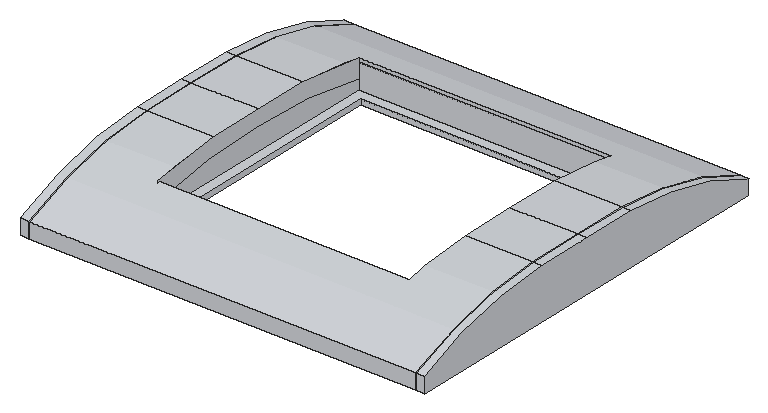
Revit family "Gira_0211771", category Electrical Fixtures, host Face, Revit 2017
Family settings
  Host = Face
  Maintain Annotation Orientation = No
  Round Connector Dimension = Use Diameter
  Part Type = Normal
  Cut with Voids When Loaded = No
  Shared = No
  Room Calculation Point = No
Parameters (values of type "Abdeckrahmen 1f Zwischenr. CW Gira Event Klar Sand")
  Werkstoffgüte = "Thermoplast"
  Werkstoff = "Kunststoff"
  URL = "http://katalog.gira.de/de_DE/datenblatt.html?artikelnr=0211771"
  Transparent = "No"
  Textfeld/Beschriftungsfläche = "No"
  Schutzart (IP) = "IP20"
  Region = "DE"
  Oberfläche = "sonstige"
  Name = "Abdeckrahmen 1f Zwischenr. CW Gira Event Klar Sand"
  Montagerichtung = "horizontal und vertikal"
  Mit Montagerahmen = "No"
  Mit Klappdeckel = "No"
  Manufacturer URL = "https://www.gira.de/"
  Keynote = "Event_Rahmen_1fach"
  HeinzeBIM = "https://bimportal.heinze.de/bim/abdeckrahmen-1f-zwischenr-cw-gira-event-klar-sand/f20eb4f261fdece111760f9552fd8b69a9bee21c"
  Halogenfrei = "Yes"
  HAN = "0211771"
  Geeignet für Unterputz-Installation = "Yes"
  Geeignet für Unterflurkanaldose = "No"
  Geeignet für Geräteeinbaukanal = "No"
  Geeignet für Einbauinstallation = "No"
  GTIN = "4010337069492"
  Farbe = "sonstige"
  Default Elevation = 1219.2 mm
  Data sheet (1) = "https://katalog.gira.de/de_DE/download.html?artikelnr=0211771"
  Category = "Abdeckrahmen"
  Befestigungsart = "Klemmbefestigung"
  Available = "Yes"
  Ausführung der Oberfläche = "glänzend"
  Anzahl der Einheiten vertikal = "1 "
  Anzahl der Einheiten horizontal = "1 "
  Anzahl der Einheiten = "1 "
Reference planes
  plane 1 "Center (Front/Back)": y = 0
  plane 2: z = 0
  plane 3 "Center (Left/Right)": x = 0
Forms (mm)
  Extrusion 1, solid, detail levels fine
    sketch origin (0, 0, 1.55) x (0, 1, 0) y (0, 0, 1)
      loop
        arc (12.445, 9.683) -> (6.223, 9.833) -> (0, 9.85) r 291.636
        arc (0, 9.85) -> (-6.223, 9.833) -> (-12.445, 9.683) r 291.636
        arc (-12.445, 9.683) -> (-29.14, 7.482) -> (-45, 1.823) r 79.728
        line (-45, 1.823) -> (-45, -1.55) -> (-41.777, -1.55) -> (-41.777, -0.55)
        arc (-41.777, -0.55) -> (-21.205, 4.846) -> (0, 6.467) r 118.15
        arc (0, 6.467) -> (21.205, 4.846) -> (41.777, -0.55) r 118.15
        line (41.777, -0.55) -> (41.777, -1.55) -> (45, -1.55) -> (45, 1.823)
        arc (45, 1.823) -> (29.14, 7.482) -> (12.445, 9.683) r 79.728
    from -43 to 43
  Extrusion 2, void, detail levels fine
    sketch origin (0, 0, 0) x (1, 0, 0) y (0, 1, 0)
      loop
        line (-28, -28) -> (28, -28) -> (28, 28) -> (-28, 28) -> (-28, -28)
    from 2.85 to 12
  Extrusion 3, solid, detail levels coarse
    sketch origin (0, 0, 0) x (1, 0, 0) y (0, 1, 0)
      loop
        line (-45, 45) -> (-45, -45) -> (45, -45) -> (45, 45) -> (-45, 45)
    from 0 to 11.4
  Extrusion 4, solid, detail levels medium
    sketch origin (0, 0, 1.55) x (0, 1, 0) y (0, 0, 1)
      loop
        arc (12.445, 9.683) -> (6.223, 9.833) -> (0, 9.85) r 291.636
        arc (0, 9.85) -> (-6.223, 9.833) -> (-12.445, 9.683) r 291.636
        arc (-12.445, 9.683) -> (-29.14, 7.482) -> (-45, 1.823) r 79.728
        line (-45, 1.823) -> (-45, -1.55) -> (45, -1.55) -> (45, 1.823)
        arc (45, 1.823) -> (29.14, 7.482) -> (12.445, 9.683) r 79.728
    from -45 to 45
  Extrusion 5, solid, detail levels fine
    sketch origin (0, 0, 0) x (0, 1, 0) y (0, 0, 1)
      loop
        arc (45, 3.373) -> (29.14, 9.032) -> (12.445, 11.233) r 79.728
        arc (12.445, 11.233) -> (6.223, 11.383) -> (0, 11.4) r 291.636
        arc (0, 11.4) -> (-6.223, 11.383) -> (-12.445, 11.233) r 291.636
        arc (-12.445, 11.233) -> (-29.14, 9.032) -> (-45, 3.373) r 79.728
        line (-45, 3.373) -> (-45, 0) -> (45, 0) -> (45, 3.373)
    from 43 to 45
  Extrusion 6, solid, detail levels fine
    sketch origin (0, 0, 0) x (0, 1, 0) y (0, 0, -1)
      loop
        line (45, -3.373) -> (45, 0) -> (-45, 0) -> (-45, -3.373)
        arc (-45, -3.373) -> (-29.14, -9.032) -> (-12.445, -11.233) r 79.728
        arc (-12.445, -11.233) -> (-6.223, -11.383) -> (0, -11.4) r 291.636
        arc (0, -11.4) -> (6.223, -11.383) -> (12.445, -11.233) r 291.636
        arc (12.445, -11.233) -> (29.14, -9.032) -> (45, -3.373) r 79.728
    from 43 to 45
  Extrusion 7, solid, detail levels fine
    sketch origin (0, 0, 0) x (1, 0, 0) y (0, 1, 0)
      loop
        line (-25.7, 25.7) -> (-25.7, -25.7) -> (25.7, -25.7) -> (25.7, 25.7) -> (-25.7, 25.7)
      loop
        line (-29.495, 27.895) -> (-29.495, -27.895)
        spline (-29.495, -27.895) -> (-29.486, -28.025) -> (-29.461, -28.154) -> (-29.419, -28.278) -> (-29.361, -28.395) -> (-29.288, -28.504) -> (-29.202, -28.602) -> (-29.104, -28.688) -> (-28.995, -28.761) -> (-28.878, -28.819) -> (-28.754, -28.861) -> (-28.625, -28.886) -> (-28.495, -28.895)
        line (-28.495, -28.895) -> (28.495, -28.895)
        spline (28.495, -28.895) -> (28.625, -28.886) -> (28.754, -28.861) -> (28.878, -28.819) -> (28.995, -28.761) -> (29.104, -28.688) -> (29.202, -28.602) -> (29.288, -28.504) -> (29.361, -28.395) -> (29.419, -28.278) -> (29.461, -28.154) -> (29.486, -28.025) -> (29.495, -27.895)
        line (29.495, -27.895) -> (29.495, 27.895)
        spline (29.495, 27.895) -> (29.486, 28.025) -> (29.461, 28.154) -> (29.419, 28.278) -> (29.361, 28.395) -> (29.288, 28.504) -> (29.202, 28.602) -> (29.104, 28.688) -> (28.995, 28.761) -> (28.878, 28.819) -> (28.754, 28.861) -> (28.625, 28.886) -> (28.495, 28.895)
        line (28.495, 28.895) -> (-28.495, 28.895)
        spline (-28.495, 28.895) -> (-28.625, 28.886) -> (-28.754, 28.861) -> (-28.878, 28.819) -> (-28.995, 28.761) -> (-29.104, 28.688) -> (-29.202, 28.602) -> (-29.288, 28.504) -> (-29.361, 28.395) -> (-29.419, 28.278) -> (-29.461, 28.154) -> (-29.486, 28.025) -> (-29.495, 27.895)
    from 1.673 to 8.5
Cuts and joins
  Extrusion 2 cuts Extrusion 1
  Extrusion 2 cuts Extrusion 7
Dimensions and locks
  aligned and locked: plane 2 to host face
  aligned and locked: level to host face
